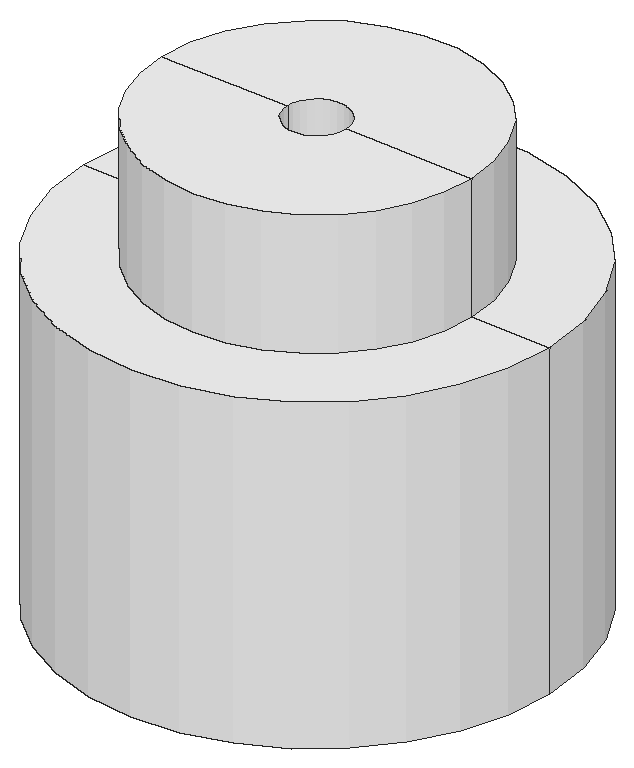
Revit family "Plumbing Fixture-FloorDrain_Mifab_C1440", category Plumbing Fixtures, host Face, Revit 2013
Parameters (values of type "1.5"")
  WFU = 0
  URL = "WWW.MIFAB.COM"
  Top Assembly Height = 0.000"
  Strainer Radius = Stainer Diameter / 2  # 0.750"
  Stainer Diameter = 1.500"
  Pipe Radius = Pipe Diameter / 2  # 0.750"
  Pipe Diameter = 1.500"
  Model = "C1440"
  Manufacturer = "MIFAB"
  Floor Drain Material = Paint - Sherwin Williams Paint - #952C2A - Bellwood Red
  Description = "EXPANDABLE LINE CLEANOUT"
  Default Elevation = 0.000"
  Body Height = 1.400"
Types (5): name | Strainer Radius | Stainer Diameter | Pipe Radius | Pipe Diameter
  (no name) | 0.750" | 1.500" | 0.750" | 1.500"
  2" | 1.000" | 2.000" | 1.000" | 2.000"
  1.5" | 0.750" | 1.500" | 0.750" | 1.500"
  3" | 1.500" | 3.000" | 1.500" | 3.000"
  4" | 2.000" | 4.000" | 2.000" | 4.000"
Reference planes (in)
  plane 1 "Center (Front/Back)": y = 0
  plane 2: z = 0
  plane 3 "Center (Left/Right)": x = 0
  plane 4: x = -0.75
  plane 5: x = 0.75
  plane 6: z = -1.4
  plane 7: x = -0.75
  plane 8: x = 0.75
  plane 9: z = 0
Forms (in)
  Revolve 1, solid, material "Paint - Sherwin Williams Paint - #952C2A - Bellwood Red" <- "Floor Drain Material"
    sketch origin (0, 0, 0) x (1, 0, 0) y (0, 0, 1)
      loop
        line (0.75, -1.4) -> (0.75, -0.4) -> (0.5, -0.4) -> (0.5, 0) -> (0.095, 0) -> (0.095, -0.55) -> (0.45, -0.55) -> (0.45, -1.4) -> (0.75, -1.4)
      axis (0, 0) -> (0, -1.4)
    angle from 0 to 360
Lines and regions (in)
  symbolic lines
    curve 1: circle (0, 0, 0) r 0.75 normal (0, 0, 1)
  symbolic lines, style "PlumbingFixtures"
    curve 2: circle (0, 0, 0) r 1.00382 normal (0, 0, 1)
Dimensions and locks (in)
  equal spacing: plane 5, plane 3 "Center (Left/Right)", plane 4
  "Stainer Diameter": plane 5 to plane 4
  "Body Height": plane 9 to plane 6
  equal spacing: plane 8, plane 3 "Center (Left/Right)", plane 7
  "Pipe Diameter": plane 8 to plane 7
  "Top Assembly Height": host face to plane 9
  locked: Revolve 1 sketch curve to Revolve 1 sketch curve at 0.3
  "Strainer Radius": radius of curve 1
  aligned and locked: plane 2 to host face
  aligned and locked: level to host face
  aligned and locked: plane 1 "Center (Front/Back)" to curve 1
  aligned and locked: plane 3 "Center (Left/Right)" to curve 1
  aligned and locked: Revolve 1 sketch curve to plane 8
  aligned and locked: Revolve 1 sketch curve to plane 3 "Center (Left/Right)"
  aligned and locked: Revolve 1 sketch curve to plane 6
  aligned and locked: level to Revolve 1 sketch curve
Automatic sketch dimensions
  host sketch curve to host sketch curve = 96.000"  (x2)
  plane 3 "Center (Left/Right)" to Revolve 1 sketch curve = 0.095"
  Revolve 1 sketch curve to level = 0.550"
  Revolve 1 sketch curve to plane 6 = 0.000"
  Revolve 1 sketch curve to level = 0.000"
  Revolve 1 sketch curve to Revolve 1 sketch curve = 0.405"
  Revolve 1 sketch curve to Revolve 1 sketch curve = 0.150"
  curve 1 to curve 2 = 0.000"  (x2)
  plane 1 "Center (Front/Back)" to curve 2 = 0.000"
  curve 2 to plane 3 "Center (Left/Right)" = 0.000"
  radius of curve 2 = 1.00382"
Connectors (in)
  piping at (0, 0, -1.4), driven by "Pipe Radius"
    settings: on Revolve 1, index 1, connector radius 3/4", flow factor 0, pipe flow 0 GPM, pressure drop 0.00 psi, fitting loss kfactor 0, connector angle 0.00°, fixture units 0, engagement length 0.000", flow configuration 0, flow direction 0, fitting loss method 0, system type 7, joint type 0, gender type 0, connector reference index -1, connector utility 0, adjustable connector no, is connector primary yes, fitting loss table "", connector description ""
